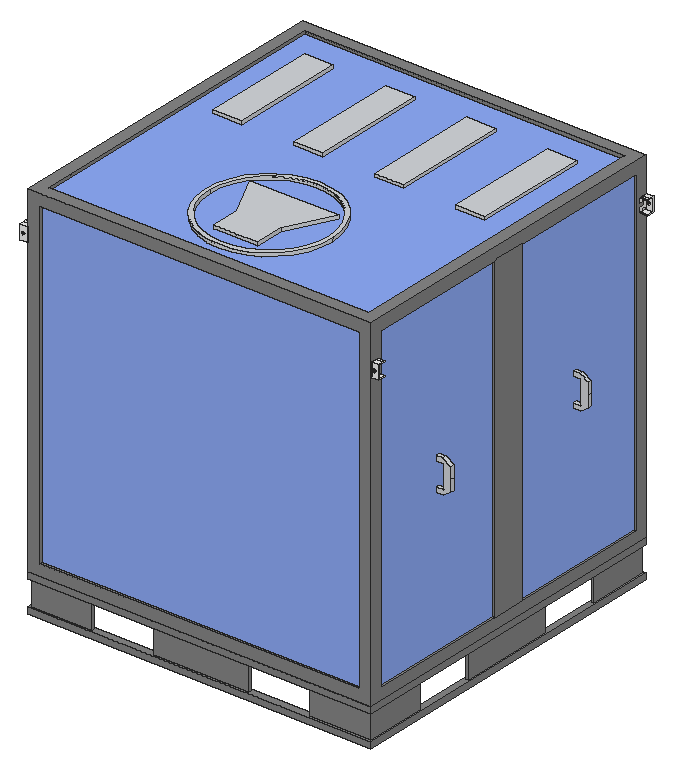
Revit family "11. Секция шумоглушения ANR H1", category Оборудование, Revit 2016 (continued)
Definition of nested family "УГО шумоглушитель №8у (разрез)"
  Automatic sketch dimensions
    curve 8 to curve 7 = 33.477 mm
    curve 7 to curve 5 = 35 mm
    curve 9 to curve 5 = 0 mm
    curve 6 to curve 10 = 35 mm  (x2)
    curve 61 to curve 61 = 120 mm
    curve 11 to curve 13 = 33.477 mm
    curve 60 to curve 58 = 100 mm
    curve 58 to curve 56 = 120 mm
    curve 56 to curve 90 = 100 mm
    curve 89 to curve 88 = 120 mm
    curve 48 to curve 50 = 45 mm
    curve 52 to curve 53 = 45 mm
    curve 53 to curve 47 = 13.447 mm
    curve 49 to curve 50 = 55.716 mm
    curve 54 to curve 72 = 178.541 mm
    curve 94 to curve 72 = 0 mm
    curve 73 to curve 76 = 0 mm
    curve 77 to curve 86 = 0 mm
    curve 77 to curve 80 = 0 mm
    curve 81 to curve 82 = 520 mm
    curve 79 to curve 80 = 0 mm
    curve 82 to curve 84 = 0 mm
    curve 75 to curve 76 = 0 mm
    curve 92 to curve 72 = 0 mm
    curve 86 to curve 87 = 120 mm
    curve 84 to curve 81 = 100 mm
    curve 82 to curve 83 = 120 mm
    curve 80 to curve 78 = 100 mm
    curve 77 to curve 51 = 30.943 mm
    curve 50 to curve 49 = 33.477 mm
    curve 49 to curve 47 = 35 mm
    curve 51 to curve 47 = 0 mm
    curve 48 to curve 52 = 35 mm  (x2)
    curve 77 to curve 77 = 120 mm
    curve 53 to curve 55 = 33.477 mm
    curve 76 to curve 74 = 100 mm
    curve 74 to curve 72 = 120 mm
    curve 72 to curve 94 = 100 mm
    curve 93 to curve 92 = 120 mm
    radius of curve 5 = 90 mm
    radius of curve 47 = 90 mm
Definition of nested family "УГО шумоглушитель №12у (разрез)"
  Parameters (values of type "УГО шумоглушитель №12у (разрез)")
    длина [instance] = 1000 mm
    высота [instance] = 1400 mm
    Ширина [instance] = 410 mm
    Частота вращения n, об/мин = ""
    Тип, марка, обозначение = ""
    Сила тока J, А = ""
    Раздел = ""
    Примечание = ""
    Позиция = ""
    Default Elevation = 1219.2 mm
    Напряжение U,В = ""
    Наименование и тех.хар-ка = ""
    Мощность двигателя N,Вт = ""
    Материал = none
    Масса единицы = ""
    Код, оборудования = ""
    Keynote = ""
    Завод изготовитель = ""
    Единица измерения = ""
    Диаметр = 110 mm
  Reference planes
    plane 1 "По центру (Вперед/Назад)": y = 0
    plane 2: z = 0
    plane 3 "По центру (Влево/Вправо)": x = 0
    plane 4: z = 1400
    plane 5: x = 500
    plane 6: x = -500
    plane 7: z = 700
  Lines and regions (mm)
    model lines
      curve 1: line (-500, 0, 0) -> (500, 0, 0)
      curve 2: line (-500, 0, 1400) -> (-500, 0, 0)
      curve 3: line (500, 0, 1400) -> (-500, 0, 1400)
      curve 4: line (500, 0, 0) -> (500, 0, 1400)
      curve 5: circle (-313.146, 0, 752.465) r 90 normal (0, -1, 0)
      curve 6: line (-371.594, 0, 752.465) -> (-371.594, 0, 717.465)
      curve 7: line (-371.594, 0, 717.465) -> (-326.594, 0, 717.465)
      curve 8: line (-326.594, 0, 717.465) -> (-270.878, 0, 683.988)
      curve 9: line (-270.878, 0, 683.988) -> (-270.878, 0, 752.465)
      curve 10: line (-371.594, 0, 752.465) -> (-371.594, 0, 787.465)
      curve 11: line (-371.594, 0, 787.465) -> (-326.594, 0, 787.465)
      curve 12: line (-326.594, 0, 787.465) -> (-270.878, 0, 820.942)
      curve 13: line (-270.878, 0, 820.942) -> (-270.878, 0, 752.465)
      curve 56: line (-92.337, 0, 993.044) -> (427.663, 0, 993.044)
      curve 57: line (-92.337, 0, 873.044) -> (-92.337, 0, 993.044)
      curve 58: line (427.663, 0, 873.044) -> (-92.337, 0, 873.044)
      curve 59: line (427.663, 0, 993.044) -> (427.663, 0, 873.044)
      curve 60: line (-92.337, 0, 773.044) -> (427.663, 0, 773.044)
      curve 61: line (-92.337, 0, 653.044) -> (-92.337, 0, 773.044)
      curve 62: line (427.663, 0, 653.044) -> (-92.337, 0, 653.044)
      curve 63: line (427.663, 0, 773.044) -> (427.663, 0, 653.044)
      curve 64: line (-92.337, 0, 553.044) -> (427.663, 0, 553.044)
      curve 65: line (-92.337, 0, 433.044) -> (-92.337, 0, 553.044)
      curve 66: line (427.663, 0, 433.044) -> (-92.337, 0, 433.044)
      curve 67: line (427.663, 0, 553.044) -> (427.663, 0, 433.044)
      curve 68: line (-92.337, 0, 333.044) -> (427.663, 0, 333.044)
      curve 69: line (-92.337, 0, 213.044) -> (-92.337, 0, 333.044)
      curve 70: line (427.663, 0, 213.044) -> (-92.337, 0, 213.044)
      curve 71: line (427.663, 0, 333.044) -> (427.663, 0, 213.044)
      curve 88: line (-92.337, 0, 1213.044) -> (427.663, 0, 1213.044)
      curve 89: line (-92.337, 0, 1093.044) -> (-92.337, 0, 1213.044)
      curve 90: line (427.663, 0, 1093.044) -> (-92.337, 0, 1093.044)
      curve 91: line (427.663, 0, 1213.044) -> (427.663, 0, 1093.044)
    model lines, not visible
      curve 14: line (-155.067, 0, 325.022) -> (464.933, 0, 325.022)
      curve 15: line (-155.067, 0, 305.022) -> (-155.067, 0, 325.022)
      curve 16: line (464.933, 0, 305.022) -> (-155.067, 0, 305.022)
      curve 17: line (464.933, 0, 325.022) -> (464.933, 0, 305.022)
      curve 18: line (-155.067, 0, 275.022) -> (464.933, 0, 275.022)
      curve 19: line (-155.067, 0, 255.022) -> (-155.067, 0, 275.022)
      curve 20: line (464.933, 0, 255.022) -> (-155.067, 0, 255.022)
      curve 21: line (464.933, 0, 275.022) -> (464.933, 0, 255.022)
      curve 22: line (-155.067, 0, 220.022) -> (464.933, 0, 220.022)
      curve 23: line (-155.067, 0, 200.022) -> (-155.067, 0, 220.022)
      curve 24: line (464.933, 0, 200.022) -> (-155.067, 0, 200.022)
      curve 25: line (464.933, 0, 220.022) -> (464.933, 0, 200.022)
      curve 26: line (-155.067, 0, 24.978) -> (464.933, 0, 24.978)
      curve 27: line (-155.067, 0, 44.978) -> (-155.067, 0, 24.978)
      curve 28: line (464.933, 0, 44.978) -> (-155.067, 0, 44.978)
      curve 29: line (464.933, 0, 24.978) -> (464.933, 0, 44.978)
      curve 30: line (-155.067, 0, 74.978) -> (464.933, 0, 74.978)
      curve 31: line (-155.067, 0, 94.978) -> (-155.067, 0, 74.978)
      curve 32: line (464.933, 0, 94.978) -> (-155.067, 0, 94.978)
      curve 33: line (464.933, 0, 74.978) -> (464.933, 0, 94.978)
      curve 34: line (-155.067, 0, 129.978) -> (464.933, 0, 129.978)
      curve 35: line (-155.067, 0, 149.978) -> (-155.067, 0, 129.978)
      curve 36: line (464.933, 0, 149.978) -> (-155.067, 0, 149.978)
      curve 37: line (464.933, 0, 129.978) -> (464.933, 0, 149.978)
      curve 38: circle (-331.553, 0, 175) r 90 normal (0, -1, 0)
      curve 39: line (-390, 0, 175) -> (-390, 0, 140)
      curve 40: line (-390, 0, 140) -> (-345, 0, 140)
      curve 41: line (-345, 0, 140) -> (-289.284, 0, 106.523)
      curve 42: line (-289.284, 0, 106.523) -> (-289.284, 0, 175)
      curve 43: line (-390, 0, 175) -> (-390, 0, 210)
      curve 44: line (-390, 0, 210) -> (-345, 0, 210)
      curve 45: line (-345, 0, 210) -> (-289.284, 0, 243.477)
      curve 46: line (-289.284, 0, 243.477) -> (-289.284, 0, 175)
      curve 47: circle (-298.146, 0, 592.465) r 90 normal (0, -1, 0)
      curve 48: line (-356.594, 0, 592.465) -> (-356.594, 0, 557.465)
      curve 49: line (-356.594, 0, 557.465) -> (-311.594, 0, 557.465)
      curve 50: line (-311.594, 0, 557.465) -> (-255.878, 0, 523.988)
      curve 51: line (-255.878, 0, 523.988) -> (-255.878, 0, 592.465)
      curve 52: line (-356.594, 0, 592.465) -> (-356.594, 0, 627.465)
      curve 53: line (-356.594, 0, 627.465) -> (-311.594, 0, 627.465)
      curve 54: line (-311.594, 0, 627.465) -> (-255.878, 0, 660.942)
      curve 55: line (-255.878, 0, 660.942) -> (-255.878, 0, 592.465)
      curve 72: line (-77.337, 0, 833.044) -> (442.663, 0, 833.044)
      curve 73: line (-77.337, 0, 713.044) -> (-77.337, 0, 833.044)
      curve 74: line (442.663, 0, 713.044) -> (-77.337, 0, 713.044)
      curve 75: line (442.663, 0, 833.044) -> (442.663, 0, 713.044)
      curve 76: line (-77.337, 0, 613.044) -> (442.663, 0, 613.044)
      curve 77: line (-77.337, 0, 493.044) -> (-77.337, 0, 613.044)
      curve 78: line (442.663, 0, 493.044) -> (-77.337, 0, 493.044)
      curve 79: line (442.663, 0, 613.044) -> (442.663, 0, 493.044)
      curve 80: line (-77.337, 0, 393.044) -> (442.663, 0, 393.044)
      curve 81: line (-77.337, 0, 273.044) -> (-77.337, 0, 393.044)
      curve 82: line (442.663, 0, 273.044) -> (-77.337, 0, 273.044)
      curve 83: line (442.663, 0, 393.044) -> (442.663, 0, 273.044)
      curve 84: line (-77.337, 0, 173.044) -> (442.663, 0, 173.044)
      curve 85: line (-77.337, 0, 53.044) -> (-77.337, 0, 173.044)
      curve 86: line (442.663, 0, 53.044) -> (-77.337, 0, 53.044)
      curve 87: line (442.663, 0, 173.044) -> (442.663, 0, 53.044)
      curve 92: line (-77.337, 0, 1053.044) -> (442.663, 0, 1053.044)
      curve 93: line (-77.337, 0, 933.044) -> (-77.337, 0, 1053.044)
      curve 94: line (442.663, 0, 933.044) -> (-77.337, 0, 933.044)
      curve 95: line (442.663, 0, 1053.044) -> (442.663, 0, 933.044)
  Dimensions and locks
    equal spacing: plane 5, plane 3 "По центру (Влево/Вправо)", plane 6
    "длина": plane 5 to plane 6
    "высота": plane 4 to level
    equal spacing: plane 4, plane 7, plane 2
    aligned and locked: level to plane 2
  Automatic sketch dimensions
    curve 3 to plane 4 = 0 mm
    curve 3 to plane 6 = 0 mm
    curve 3 to plane 5 = 0 mm
    curve 1 to level = 0 mm
    curve 6 to curve 8 = 45 mm
    curve 10 to curve 11 = 45 mm
    curve 11 to curve 5 = 13.447 mm
    curve 7 to curve 8 = 55.716 mm
    curve 12 to curve 56 = 178.541 mm
    curve 90 to curve 56 = 0 mm
    curve 57 to curve 60 = 0 mm
    curve 61 to curve 70 = 0 mm
    curve 61 to curve 64 = 0 mm
    curve 65 to curve 66 = 520 mm
    curve 63 to curve 64 = 0 mm
    curve 66 to curve 68 = 0 mm
    curve 59 to curve 60 = 0 mm
    curve 88 to curve 56 = 0 mm
    curve 70 to curve 71 = 120 mm
    curve 68 to curve 65 = 100 mm
    curve 66 to curve 67 = 120 mm
    curve 64 to curve 62 = 100 mm
    curve 61 to curve 9 = 30.943 mm
    curve 8 to curve 7 = 33.477 mm
    curve 7 to curve 5 = 35 mm
    curve 9 to curve 5 = 0 mm
    curve 6 to curve 10 = 35 mm  (x2)
    curve 61 to curve 61 = 120 mm
    curve 11 to curve 13 = 33.477 mm
    curve 60 to curve 58 = 100 mm
    curve 58 to curve 56 = 120 mm
    curve 56 to curve 90 = 100 mm
    curve 89 to curve 88 = 120 mm
    curve 48 to curve 50 = 45 mm
    curve 52 to curve 53 = 45 mm
    curve 53 to curve 47 = 13.447 mm
    curve 49 to curve 50 = 55.716 mm
    curve 54 to curve 72 = 178.541 mm
    curve 94 to curve 72 = 0 mm
    curve 73 to curve 76 = 0 mm
    curve 77 to curve 86 = 0 mm
    curve 77 to curve 80 = 0 mm
    curve 81 to curve 82 = 520 mm
    curve 79 to curve 80 = 0 mm
    curve 82 to curve 84 = 0 mm
    curve 75 to curve 76 = 0 mm
    curve 92 to curve 72 = 0 mm
    curve 86 to curve 87 = 120 mm
    curve 84 to curve 81 = 100 mm
    curve 82 to curve 83 = 120 mm
    curve 80 to curve 78 = 100 mm
    curve 77 to curve 51 = 30.943 mm
    curve 50 to curve 49 = 33.477 mm
    curve 49 to curve 47 = 35 mm
    curve 51 to curve 47 = 0 mm
    curve 48 to curve 52 = 35 mm  (x2)
    curve 77 to curve 77 = 120 mm
    curve 53 to curve 55 = 33.477 mm
    curve 76 to curve 74 = 100 mm
    curve 74 to curve 72 = 120 mm
    curve 72 to curve 94 = 100 mm
    curve 93 to curve 92 = 120 mm
    radius of curve 5 = 90 mm
    radius of curve 47 = 90 mm
Definition of nested family "УГО шумоглушитель №20у (разрез)"
  Parameters (values of type "УГО шумоглушитель №20у (разрез)")
    длина [instance] = 1000 mm
    высота [instance] = 1600 mm
    Ширина [instance] = 410 mm
    Частота вращения n, об/мин = ""
    Тип, марка, обозначение = ""
    Сила тока J, А = ""
    Раздел = ""
    Примечание = ""
    Позиция = ""
    Default Elevation = 1219.2 mm
    Напряжение U,В = ""
    Наименование и тех.хар-ка = ""
    Мощность двигателя N,Вт = ""
    Материал = none
    Масса единицы = ""
    Код, оборудования = ""
    Keynote = ""
    Завод изготовитель = ""
    Единица измерения = ""
    Диаметр = 110 mm
  Reference planes
    plane 1 "По центру (Вперед/Назад)": y = 0
    plane 2: z = 0
    plane 3 "По центру (Влево/Вправо)": x = 0
    plane 4: z = 1600
    plane 5: x = 500
    plane 6: x = -500
    plane 7: z = 800
  Lines and regions (mm)
    model lines
      curve 1: line (-500, 0, 0) -> (500, 0, 0)
      curve 2: line (-500, 0, 1600) -> (-500, 0, 0)
      curve 3: line (500, 0, 1600) -> (-500, 0, 1600)
      curve 4: line (500, 0, 0) -> (500, 0, 1600)
      curve 5: circle (-313.146, 0, 802.465) r 90 normal (0, -1, 0)
      curve 6: line (-371.594, 0, 802.465) -> (-371.594, 0, 767.465)
      curve 7: line (-371.594, 0, 767.465) -> (-326.594, 0, 767.465)
      curve 8: line (-326.594, 0, 767.465) -> (-270.878, 0, 733.988)
      curve 9: line (-270.878, 0, 733.988) -> (-270.878, 0, 802.465)
      curve 10: line (-371.594, 0, 802.465) -> (-371.594, 0, 837.465)
      curve 11: line (-371.594, 0, 837.465) -> (-326.594, 0, 837.465)
      curve 12: line (-326.594, 0, 837.465) -> (-270.878, 0, 870.942)
      curve 13: line (-270.878, 0, 870.942) -> (-270.878, 0, 802.465)
      curve 56: line (-92.337, 0, 983.044) -> (427.663, 0, 983.044)
      curve 57: line (-92.337, 0, 863.044) -> (-92.337, 0, 983.044)
      curve 58: line (427.663, 0, 863.044) -> (-92.337, 0, 863.044)
      curve 59: line (427.663, 0, 983.044) -> (427.663, 0, 863.044)
      curve 60: line (-92.337, 0, 763.044) -> (427.663, 0, 763.044)
      curve 61: line (-92.337, 0, 643.044) -> (-92.337, 0, 763.044)
      curve 62: line (427.663, 0, 643.044) -> (-92.337, 0, 643.044)
      curve 63: line (427.663, 0, 763.044) -> (427.663, 0, 643.044)
      curve 64: line (-92.337, 0, 543.044) -> (427.663, 0, 543.044)
      curve 65: line (-92.337, 0, 423.044) -> (-92.337, 0, 543.044)
      curve 66: line (427.663, 0, 423.044) -> (-92.337, 0, 423.044)
      curve 67: line (427.663, 0, 543.044) -> (427.663, 0, 423.044)
      curve 68: line (-92.337, 0, 323.044) -> (427.663, 0, 323.044)
      curve 69: line (-92.337, 0, 203.044) -> (-92.337, 0, 323.044)
      curve 70: line (427.663, 0, 203.044) -> (-92.337, 0, 203.044)
      curve 71: line (427.663, 0, 323.044) -> (427.663, 0, 203.044)
      curve 88: line (-92.337, 0, 1203.044) -> (427.663, 0, 1203.044)
      curve 89: line (-92.337, 0, 1083.044) -> (-92.337, 0, 1203.044)
      curve 90: line (427.663, 0, 1083.044) -> (-92.337, 0, 1083.044)
      curve 91: line (427.663, 0, 1203.044) -> (427.663, 0, 1083.044)
      curve 96: line (-92.337, 0, 1423.044) -> (427.663, 0, 1423.044)
      curve 97: line (-92.337, 0, 1303.044) -> (-92.337, 0, 1423.044)
      curve 98: line (427.663, 0, 1303.044) -> (-92.337, 0, 1303.044)
      curve 99: line (427.663, 0, 1423.044) -> (427.663, 0, 1303.044)
    model lines, not visible
      curve 14: line (-155.067, 0, 325.022) -> (464.933, 0, 325.022)
      curve 15: line (-155.067, 0, 305.022) -> (-155.067, 0, 325.022)
      curve 16: line (464.933, 0, 305.022) -> (-155.067, 0, 305.022)
      curve 17: line (464.933, 0, 325.022) -> (464.933, 0, 305.022)
      curve 18: line (-155.067, 0, 275.022) -> (464.933, 0, 275.022)
      curve 19: line (-155.067, 0, 255.022) -> (-155.067, 0, 275.022)
      curve 20: line (464.933, 0, 255.022) -> (-155.067, 0, 255.022)
      curve 21: line (464.933, 0, 275.022) -> (464.933, 0, 255.022)
      curve 22: line (-155.067, 0, 220.022) -> (464.933, 0, 220.022)
      curve 23: line (-155.067, 0, 200.022) -> (-155.067, 0, 220.022)
      curve 24: line (464.933, 0, 200.022) -> (-155.067, 0, 200.022)
      curve 25: line (464.933, 0, 220.022) -> (464.933, 0, 200.022)
      curve 26: line (-155.067, 0, 24.978) -> (464.933, 0, 24.978)
      curve 27: line (-155.067, 0, 44.978) -> (-155.067, 0, 24.978)
      curve 28: line (464.933, 0, 44.978) -> (-155.067, 0, 44.978)
      curve 29: line (464.933, 0, 24.978) -> (464.933, 0, 44.978)
      curve 30: line (-155.067, 0, 74.978) -> (464.933, 0, 74.978)
      curve 31: line (-155.067, 0, 94.978) -> (-155.067, 0, 74.978)
      curve 32: line (464.933, 0, 94.978) -> (-155.067, 0, 94.978)
      curve 33: line (464.933, 0, 74.978) -> (464.933, 0, 94.978)
      curve 34: line (-155.067, 0, 129.978) -> (464.933, 0, 129.978)
      curve 35: line (-155.067, 0, 149.978) -> (-155.067, 0, 129.978)
      curve 36: line (464.933, 0, 149.978) -> (-155.067, 0, 149.978)
      curve 37: line (464.933, 0, 129.978) -> (464.933, 0, 149.978)
      curve 38: circle (-331.553, 0, 175) r 90 normal (0, -1, 0)
      curve 39: line (-390, 0, 175) -> (-390, 0, 140)
      curve 40: line (-390, 0, 140) -> (-345, 0, 140)
      curve 41: line (-345, 0, 140) -> (-289.284, 0, 106.523)
      curve 42: line (-289.284, 0, 106.523) -> (-289.284, 0, 175)
      curve 43: line (-390, 0, 175) -> (-390, 0, 210)
      curve 44: line (-390, 0, 210) -> (-345, 0, 210)
      curve 45: line (-345, 0, 210) -> (-289.284, 0, 243.477)
      curve 46: line (-289.284, 0, 243.477) -> (-289.284, 0, 175)
      curve 47: circle (-298.146, 0, 642.465) r 90 normal (0, -1, 0)
      curve 48: line (-356.594, 0, 642.465) -> (-356.594, 0, 607.465)
      curve 49: line (-356.594, 0, 607.465) -> (-311.594, 0, 607.465)
      curve 50: line (-311.594, 0, 607.465) -> (-255.878, 0, 573.988)
      curve 51: line (-255.878, 0, 573.988) -> (-255.878, 0, 642.465)
      curve 52: line (-356.594, 0, 642.465) -> (-356.594, 0, 677.465)
      curve 53: line (-356.594, 0, 677.465) -> (-311.594, 0, 677.465)
      curve 54: line (-311.594, 0, 677.465) -> (-255.878, 0, 710.942)
      curve 55: line (-255.878, 0, 710.942) -> (-255.878, 0, 642.465)
      curve 72: line (-77.337, 0, 823.044) -> (442.663, 0, 823.044)
      curve 73: line (-77.337, 0, 703.044) -> (-77.337, 0, 823.044)
      curve 74: line (442.663, 0, 703.044) -> (-77.337, 0, 703.044)
      curve 75: line (442.663, 0, 823.044) -> (442.663, 0, 703.044)
      curve 76: line (-77.337, 0, 603.044) -> (442.663, 0, 603.044)
      curve 77: line (-77.337, 0, 483.044) -> (-77.337, 0, 603.044)
      curve 78: line (442.663, 0, 483.044) -> (-77.337, 0, 483.044)
      curve 79: line (442.663, 0, 603.044) -> (442.663, 0, 483.044)
      curve 80: line (-77.337, 0, 383.044) -> (442.663, 0, 383.044)
      curve 81: line (-77.337, 0, 263.044) -> (-77.337, 0, 383.044)
      curve 82: line (442.663, 0, 263.044) -> (-77.337, 0, 263.044)
      curve 83: line (442.663, 0, 383.044) -> (442.663, 0, 263.044)
      curve 84: line (-77.337, 0, 163.044) -> (442.663, 0, 163.044)
      curve 85: line (-77.337, 0, 43.044) -> (-77.337, 0, 163.044)
      curve 86: line (442.663, 0, 43.044) -> (-77.337, 0, 43.044)
      curve 87: line (442.663, 0, 163.044) -> (442.663, 0, 43.044)
      curve 92: line (-77.337, 0, 1043.044) -> (442.663, 0, 1043.044)
      curve 93: line (-77.337, 0, 923.044) -> (-77.337, 0, 1043.044)
      curve 94: line (442.663, 0, 923.044) -> (-77.337, 0, 923.044)
      curve 95: line (442.663, 0, 1043.044) -> (442.663, 0, 923.044)
      curve 100: line (-77.337, 0, 1263.044) -> (442.663, 0, 1263.044)
      curve 101: line (-77.337, 0, 1143.044) -> (-77.337, 0, 1263.044)
      curve 102: line (442.663, 0, 1143.044) -> (-77.337, 0, 1143.044)
      curve 103: line (442.663, 0, 1263.044) -> (442.663, 0, 1143.044)
  Dimensions and locks
    equal spacing: plane 5, plane 3 "По центру (Влево/Вправо)", plane 6
    "длина": plane 5 to plane 6
    "высота": plane 4 to level
    equal spacing: plane 4, plane 7, plane 2
    aligned and locked: level to plane 2
  Automatic sketch dimensions
    curve 3 to plane 4 = 0 mm
    curve 3 to plane 6 = 0 mm
    curve 3 to plane 5 = 0 mm
    curve 1 to level = 0 mm
    curve 6 to curve 8 = 45 mm
    curve 10 to curve 11 = 45 mm
    curve 11 to curve 5 = 13.447 mm
    curve 7 to curve 8 = 55.716 mm
    curve 12 to curve 56 = 178.541 mm
    curve 97 to curve 56 = 0 mm
    curve 90 to curve 56 = 0 mm
    curve 57 to curve 60 = 0 mm
    curve 61 to curve 64 = 0 mm
    curve 65 to curve 70 = 0 mm
    curve 65 to curve 67 = 520 mm
    curve 66 to curve 68 = 0 mm
    curve 63 to curve 64 = 0 mm
    curve 88 to curve 60 = 0 mm
    curve 59 to curve 60 = 0 mm
    curve 96 to curve 88 = 0 mm
    curve 70 to curve 71 = 120 mm
    curve 68 to curve 66 = 100 mm
    curve 65 to curve 64 = 120 mm
    curve 64 to curve 62 = 100 mm
    curve 61 to curve 9 = 90.943 mm
    curve 8 to curve 7 = 33.477 mm
    curve 6 to curve 10 = 35 mm  (x2)
    curve 7 to curve 5 = 35 mm
    curve 13 to curve 5 = 0 mm
    curve 61 to curve 61 = 120 mm
    curve 11 to curve 13 = 33.477 mm
    curve 60 to curve 58 = 100 mm
    curve 57 to curve 56 = 120 mm
    curve 56 to curve 90 = 100 mm
    curve 89 to curve 89 = 120 mm
    curve 88 to curve 98 = 100 mm
    curve 97 to curve 97 = 120 mm
    curve 48 to curve 50 = 45 mm
    curve 52 to curve 53 = 45 mm
    curve 53 to curve 47 = 13.447 mm
    curve 49 to curve 50 = 55.716 mm
    curve 54 to curve 72 = 178.541 mm
    curve 101 to curve 72 = 0 mm
    curve 94 to curve 72 = 0 mm
    curve 73 to curve 76 = 0 mm
    curve 77 to curve 80 = 0 mm
    curve 81 to curve 86 = 0 mm
    curve 81 to curve 83 = 520 mm
    curve 82 to curve 84 = 0 mm
    curve 79 to curve 80 = 0 mm
    curve 92 to curve 76 = 0 mm
    curve 75 to curve 76 = 0 mm
    curve 100 to curve 92 = 0 mm
    curve 86 to curve 87 = 120 mm
    curve 84 to curve 82 = 100 mm
    curve 81 to curve 80 = 120 mm
    curve 80 to curve 78 = 100 mm
    curve 77 to curve 51 = 90.943 mm
    curve 50 to curve 49 = 33.477 mm
    curve 48 to curve 52 = 35 mm  (x2)
    curve 49 to curve 47 = 35 mm
    curve 55 to curve 47 = 0 mm
    curve 77 to curve 77 = 120 mm
    curve 53 to curve 55 = 33.477 mm
    curve 76 to curve 74 = 100 mm
    curve 73 to curve 72 = 120 mm
    curve 72 to curve 94 = 100 mm
    curve 93 to curve 93 = 120 mm
    curve 92 to curve 102 = 100 mm
    curve 101 to curve 101 = 120 mm
    radius of curve 5 = 90 mm
    radius of curve 47 = 90 mm
Definition of nested family "УГО шумоглушитель №25у (разрез)"
  Parameters (values of type "УГО шумоглушитель №25у (разрез)")
    длина [instance] = 1000 mm
    высота [instance] = 2000 mm
    Ширина [instance] = 410 mm
    Частота вращения n, об/мин = ""
    Тип, марка, обозначение = ""
    Сила тока J, А = ""
    Раздел = ""
    Примечание = ""
    Позиция = ""
    Default Elevation = 1219.2 mm
    Напряжение U,В = ""
    Наименование и тех.хар-ка = ""
    Мощность двигателя N,Вт = ""
    Материал = none
    Масса единицы = ""
    Код, оборудования = ""
    Keynote = ""
    Завод изготовитель = ""
    Единица измерения = ""
    Диаметр = 110 mm
  Reference planes
    plane 1 "По центру (Вперед/Назад)": y = 0
    plane 2: z = 0
    plane 3 "По центру (Влево/Вправо)": x = 0
    plane 4: z = 2000
    plane 5: x = 500
    plane 6: x = -500
    plane 7: z = 1000
  Lines and regions (mm)
    model lines
      curve 1: line (-500, 0, 0) -> (500, 0, 0)
      curve 2: line (-500, 0, 2000) -> (-500, 0, 0)
      curve 3: line (500, 0, 2000) -> (-500, 0, 2000)
      curve 4: line (500, 0, 0) -> (500, 0, 2000)
      curve 5: circle (-297.364, 0, 1074.703) r 90 normal (0, -1, 0)
      curve 6: line (-355.812, 0, 1074.703) -> (-355.812, 0, 1039.703)
      curve 7: line (-355.812, 0, 1039.703) -> (-310.812, 0, 1039.703)
      curve 8: line (-310.812, 0, 1039.703) -> (-255.096, 0, 1006.226)
      curve 9: line (-255.096, 0, 1006.226) -> (-255.096, 0, 1074.703)
      curve 10: line (-355.812, 0, 1074.703) -> (-355.812, 0, 1109.703)
      curve 11: line (-355.812, 0, 1109.703) -> (-310.812, 0, 1109.703)
      curve 12: line (-310.812, 0, 1109.703) -> (-255.096, 0, 1143.18)
      curve 13: line (-255.096, 0, 1143.18) -> (-255.096, 0, 1074.703)
      curve 56: line (-92.337, 0, 983.044) -> (427.663, 0, 983.044)
      curve 57: line (-92.337, 0, 863.044) -> (-92.337, 0, 983.044)
      curve 58: line (427.663, 0, 863.044) -> (-92.337, 0, 863.044)
      curve 59: line (427.663, 0, 983.044) -> (427.663, 0, 863.044)
      curve 60: line (-92.337, 0, 763.044) -> (427.663, 0, 763.044)
      curve 61: line (-92.337, 0, 643.044) -> (-92.337, 0, 763.044)
      curve 62: line (427.663, 0, 643.044) -> (-92.337, 0, 643.044)
      curve 63: line (427.663, 0, 763.044) -> (427.663, 0, 643.044)
      curve 64: line (-92.337, 0, 543.044) -> (427.663, 0, 543.044)
      curve 65: line (-92.337, 0, 423.044) -> (-92.337, 0, 543.044)
      curve 66: line (427.663, 0, 423.044) -> (-92.337, 0, 423.044)
      curve 67: line (427.663, 0, 543.044) -> (427.663, 0, 423.044)
      curve 68: line (-92.337, 0, 323.044) -> (427.663, 0, 323.044)
      curve 69: line (-92.337, 0, 203.044) -> (-92.337, 0, 323.044)
      curve 70: line (427.663, 0, 203.044) -> (-92.337, 0, 203.044)
      curve 71: line (427.663, 0, 323.044) -> (427.663, 0, 203.044)
      curve 88: line (-92.337, 0, 1203.044) -> (427.663, 0, 1203.044)
      curve 89: line (-92.337, 0, 1083.044) -> (-92.337, 0, 1203.044)
      curve 90: line (427.663, 0, 1083.044) -> (-92.337, 0, 1083.044)
      curve 91: line (427.663, 0, 1203.044) -> (427.663, 0, 1083.044)
      curve 96: line (-92.337, 0, 1423.044) -> (427.663, 0, 1423.044)
      curve 97: line (-92.337, 0, 1303.044) -> (-92.337, 0, 1423.044)
      curve 98: line (427.663, 0, 1303.044) -> (-92.337, 0, 1303.044)
      curve 99: line (427.663, 0, 1423.044) -> (427.663, 0, 1303.044)
      curve 104: line (-92.337, 0, 1643.044) -> (427.663, 0, 1643.044)
      curve 105: line (-92.337, 0, 1523.044) -> (-92.337, 0, 1643.044)
      curve 106: line (427.663, 0, 1523.044) -> (-92.337, 0, 1523.044)
      curve 107: line (427.663, 0, 1643.044) -> (427.663, 0, 1523.044)
      curve 108: line (-92.337, 0, 1863.044) -> (427.663, 0, 1863.044)
      curve 109: line (-92.337, 0, 1743.044) -> (-92.337, 0, 1863.044)
      curve 110: line (427.663, 0, 1743.044) -> (-92.337, 0, 1743.044)
      curve 111: line (427.663, 0, 1863.044) -> (427.663, 0, 1743.044)
    model lines, not visible
      curve 14: line (-155.067, 0, 325.022) -> (464.933, 0, 325.022)
      curve 15: line (-155.067, 0, 305.022) -> (-155.067, 0, 325.022)
      curve 16: line (464.933, 0, 305.022) -> (-155.067, 0, 305.022)
      curve 17: line (464.933, 0, 325.022) -> (464.933, 0, 305.022)
      curve 18: line (-155.067, 0, 275.022) -> (464.933, 0, 275.022)
      curve 19: line (-155.067, 0, 255.022) -> (-155.067, 0, 275.022)
      curve 20: line (464.933, 0, 255.022) -> (-155.067, 0, 255.022)
      curve 21: line (464.933, 0, 275.022) -> (464.933, 0, 255.022)
      curve 22: line (-155.067, 0, 220.022) -> (464.933, 0, 220.022)
      curve 23: line (-155.067, 0, 200.022) -> (-155.067, 0, 220.022)
      curve 24: line (464.933, 0, 200.022) -> (-155.067, 0, 200.022)
      curve 25: line (464.933, 0, 220.022) -> (464.933, 0, 200.022)
      curve 26: line (-155.067, 0, 24.978) -> (464.933, 0, 24.978)
      curve 27: line (-155.067, 0, 44.978) -> (-155.067, 0, 24.978)
      curve 28: line (464.933, 0, 44.978) -> (-155.067, 0, 44.978)
      curve 29: line (464.933, 0, 24.978) -> (464.933, 0, 44.978)
      curve 30: line (-155.067, 0, 74.978) -> (464.933, 0, 74.978)
      curve 31: line (-155.067, 0, 94.978) -> (-155.067, 0, 74.978)
      curve 32: line (464.933, 0, 94.978) -> (-155.067, 0, 94.978)
      curve 33: line (464.933, 0, 74.978) -> (464.933, 0, 94.978)
      curve 34: line (-155.067, 0, 129.978) -> (464.933, 0, 129.978)
      curve 35: line (-155.067, 0, 149.978) -> (-155.067, 0, 129.978)
      curve 36: line (464.933, 0, 149.978) -> (-155.067, 0, 149.978)
      curve 37: line (464.933, 0, 129.978) -> (464.933, 0, 149.978)
      curve 38: circle (-331.553, 0, 175) r 90 normal (0, -1, 0)
      curve 39: line (-390, 0, 175) -> (-390, 0, 140)
      curve 40: line (-390, 0, 140) -> (-345, 0, 140)
      curve 41: line (-345, 0, 140) -> (-289.284, 0, 106.523)
      curve 42: line (-289.284, 0, 106.523) -> (-289.284, 0, 175)
      curve 43: line (-390, 0, 175) -> (-390, 0, 210)
      curve 44: line (-390, 0, 210) -> (-345, 0, 210)
      curve 45: line (-345, 0, 210) -> (-289.284, 0, 243.477)
      curve 46: line (-289.284, 0, 243.477) -> (-289.284, 0, 175)
      curve 47: circle (-282.364, 0, 914.703) r 90 normal (0, -1, 0)
      curve 48: line (-340.812, 0, 914.703) -> (-340.812, 0, 879.703)
      curve 49: line (-340.812, 0, 879.703) -> (-295.812, 0, 879.703)
      curve 50: line (-295.812, 0, 879.703) -> (-240.096, 0, 846.226)
      curve 51: line (-240.096, 0, 846.226) -> (-240.096, 0, 914.703)
      curve 52: line (-340.812, 0, 914.703) -> (-340.812, 0, 949.703)
      curve 53: line (-340.812, 0, 949.703) -> (-295.812, 0, 949.703)
      curve 54: line (-295.812, 0, 949.703) -> (-240.096, 0, 983.18)
      curve 55: line (-240.096, 0, 983.18) -> (-240.096, 0, 914.703)
      curve 72: line (-77.337, 0, 823.044) -> (442.663, 0, 823.044)
      curve 73: line (-77.337, 0, 703.044) -> (-77.337, 0, 823.044)
      curve 74: line (442.663, 0, 703.044) -> (-77.337, 0, 703.044)
      curve 75: line (442.663, 0, 823.044) -> (442.663, 0, 703.044)
      curve 76: line (-77.337, 0, 603.044) -> (442.663, 0, 603.044)
      curve 77: line (-77.337, 0, 483.044) -> (-77.337, 0, 603.044)
      curve 78: line (442.663, 0, 483.044) -> (-77.337, 0, 483.044)
      curve 79: line (442.663, 0, 603.044) -> (442.663, 0, 483.044)
      curve 80: line (-77.337, 0, 383.044) -> (442.663, 0, 383.044)
      curve 81: line (-77.337, 0, 263.044) -> (-77.337, 0, 383.044)
      curve 82: line (442.663, 0, 263.044) -> (-77.337, 0, 263.044)
      curve 83: line (442.663, 0, 383.044) -> (442.663, 0, 263.044)
      curve 84: line (-77.337, 0, 163.044) -> (442.663, 0, 163.044)
      curve 85: line (-77.337, 0, 43.044) -> (-77.337, 0, 163.044)
      curve 86: line (442.663, 0, 43.044) -> (-77.337, 0, 43.044)
      curve 87: line (442.663, 0, 163.044) -> (442.663, 0, 43.044)
      curve 92: line (-77.337, 0, 1043.044) -> (442.663, 0, 1043.044)
      curve 93: line (-77.337, 0, 923.044) -> (-77.337, 0, 1043.044)
      curve 94: line (442.663, 0, 923.044) -> (-77.337, 0, 923.044)
      curve 95: line (442.663, 0, 1043.044) -> (442.663, 0, 923.044)
      curve 100: line (-77.337, 0, 1263.044) -> (442.663, 0, 1263.044)
      curve 101: line (-77.337, 0, 1143.044) -> (-77.337, 0, 1263.044)
      curve 102: line (442.663, 0, 1143.044) -> (-77.337, 0, 1143.044)
      curve 103: line (442.663, 0, 1263.044) -> (442.663, 0, 1143.044)
      curve 112: line (-77.337, 0, 1483.044) -> (442.663, 0, 1483.044)
      curve 113: line (-77.337, 0, 1363.044) -> (-77.337, 0, 1483.044)
      curve 114: line (442.663, 0, 1363.044) -> (-77.337, 0, 1363.044)
      curve 115: line (442.663, 0, 1483.044) -> (442.663, 0, 1363.044)
      curve 116: line (-77.337, 0, 1703.044) -> (442.663, 0, 1703.044)
      curve 117: line (-77.337, 0, 1583.044) -> (-77.337, 0, 1703.044)
      curve 118: line (442.663, 0, 1583.044) -> (-77.337, 0, 1583.044)
      curve 119: line (442.663, 0, 1703.044) -> (442.663, 0, 1583.044)
  Dimensions and locks
    equal spacing: plane 5, plane 3 "По центру (Влево/Вправо)", plane 6
    "длина": plane 5 to plane 6
    "высота": plane 4 to level
    equal spacing: plane 4, plane 7, plane 2
    aligned and locked: level to plane 2
  Automatic sketch dimensions
    curve 3 to plane 4 = 0 mm
    curve 3 to plane 6 = 0 mm
    curve 3 to plane 5 = 0 mm
    curve 1 to level = 0 mm
    curve 6 to curve 8 = 45 mm
    curve 10 to curve 11 = 45 mm
    curve 11 to curve 5 = 13.447 mm
    curve 7 to curve 8 = 55.716 mm
    curve 8 to curve 56 = 162.759 mm
    curve 12 to curve 109 = 162.759 mm
    curve 109 to curve 106 = 0 mm
    curve 57 to curve 60 = 0 mm
    curve 105 to curve 98 = 0 mm
    curve 61 to curve 64 = 0 mm
    curve 65 to curve 68 = 0 mm
    curve 90 to curve 56 = 0 mm
    curve 69 to curve 71 = 520 mm
    curve 88 to curve 88 = 520 mm
    curve 67 to curve 68 = 0 mm
    curve 96 to curve 88 = 0 mm
    curve 63 to curve 64 = 0 mm
    curve 104 to curve 96 = 0 mm
    curve 59 to curve 60 = 0 mm
    curve 108 to curve 104 = 0 mm
    curve 69 to curve 68 = 120 mm
    curve 68 to curve 66 = 100 mm
    curve 66 to curve 67 = 120 mm
    curve 64 to curve 61 = 100 mm
    curve 62 to curve 63 = 120 mm
    curve 60 to curve 58 = 100 mm
    curve 58 to curve 59 = 120 mm
    curve 56 to curve 8 = 23.181 mm
    curve 8 to curve 7 = 33.477 mm
    curve 7 to curve 9 = 35 mm
    curve 7 to curve 5 = 35 mm
    curve 6 to curve 6 = 35 mm
    curve 56 to curve 91 = 100 mm
    curve 5 to curve 11 = 35 mm
    curve 11 to curve 12 = 33.477 mm
    curve 89 to curve 88 = 120 mm
    curve 88 to curve 99 = 100 mm
    curve 98 to curve 96 = 120 mm
    curve 96 to curve 106 = 100 mm
    curve 105 to curve 104 = 120 mm
    curve 104 to curve 110 = 100 mm
    curve 109 to curve 109 = 120 mm
    curve 48 to curve 50 = 45 mm
    curve 52 to curve 53 = 45 mm
    curve 53 to curve 47 = 13.447 mm
    curve 49 to curve 50 = 55.716 mm
    curve 50 to curve 72 = 162.759 mm
    curve 54 to curve 117 = 162.759 mm
    curve 117 to curve 114 = 0 mm
    curve 73 to curve 76 = 0 mm
    curve 113 to curve 102 = 0 mm
    curve 77 to curve 80 = 0 mm
    curve 81 to curve 84 = 0 mm
    curve 94 to curve 72 = 0 mm
    curve 85 to curve 87 = 520 mm
    curve 92 to curve 92 = 520 mm
    curve 83 to curve 84 = 0 mm
    curve 100 to curve 92 = 0 mm
    curve 79 to curve 80 = 0 mm
    curve 112 to curve 100 = 0 mm
    curve 75 to curve 76 = 0 mm
    curve 116 to curve 112 = 0 mm
    curve 85 to curve 84 = 120 mm
    curve 84 to curve 82 = 100 mm
    curve 82 to curve 83 = 120 mm
    curve 80 to curve 77 = 100 mm
    curve 78 to curve 79 = 120 mm
    curve 76 to curve 74 = 100 mm
    curve 74 to curve 75 = 120 mm
    curve 72 to curve 50 = 23.181 mm
    curve 50 to curve 49 = 33.477 mm
    curve 49 to curve 51 = 35 mm
    curve 49 to curve 47 = 35 mm
    curve 48 to curve 48 = 35 mm
    curve 72 to curve 95 = 100 mm
    curve 47 to curve 53 = 35 mm
    curve 53 to curve 54 = 33.477 mm
    curve 93 to curve 92 = 120 mm
    curve 92 to curve 103 = 100 mm
    curve 102 to curve 100 = 120 mm
    curve 100 to curve 114 = 100 mm
    curve 113 to curve 112 = 120 mm
    curve 112 to curve 118 = 100 mm
    curve 117 to curve 117 = 120 mm
    radius of curve 5 = 90 mm
    radius of curve 47 = 90 mm
Definition of nested family "УГО шумоглушитель №30у (разрез)"
  Parameters (values of type "УГО шумоглушитель №30у (разрез)")
    длина [instance] = 1000 mm
    высота [instance] = 2000 mm
    Ширина [instance] = 410 mm
    Частота вращения n, об/мин = ""
    Тип, марка, обозначение = ""
    Сила тока J, А = ""
    Раздел = ""
    Примечание = ""
    Позиция = ""
    Default Elevation = 1219.2 mm
    Напряжение U,В = ""
    Наименование и тех.хар-ка = ""
    Мощность двигателя N,Вт = ""
    Материал = none
    Масса единицы = ""
    Код, оборудования = ""
    Keynote = ""
    Завод изготовитель = ""
    Единица измерения = ""
    Диаметр = 110 mm
  Reference planes
    plane 1 "По центру (Вперед/Назад)": y = 0
    plane 2: z = 0
    plane 3 "По центру (Влево/Вправо)": x = 0
    plane 4: z = 2000
    plane 5: x = 500
    plane 6: x = -500
    plane 7: z = 1000
  Lines and regions (mm)
    model lines
      curve 1: line (-500, 0, 0) -> (500, 0, 0)
      curve 2: line (-500, 0, 2000) -> (-500, 0, 0)
      curve 3: line (500, 0, 2000) -> (-500, 0, 2000)
      curve 4: line (500, 0, 0) -> (500, 0, 2000)
      curve 5: circle (-297.364, 0, 1074.703) r 90 normal (0, -1, 0)
      curve 6: line (-355.812, 0, 1074.703) -> (-355.812, 0, 1039.703)
      curve 7: line (-355.812, 0, 1039.703) -> (-310.812, 0, 1039.703)
      curve 8: line (-310.812, 0, 1039.703) -> (-255.096, 0, 1006.226)
      curve 9: line (-255.096, 0, 1006.226) -> (-255.096, 0, 1074.703)
      curve 10: line (-355.812, 0, 1074.703) -> (-355.812, 0, 1109.703)
      curve 11: line (-355.812, 0, 1109.703) -> (-310.812, 0, 1109.703)
      curve 12: line (-310.812, 0, 1109.703) -> (-255.096, 0, 1143.18)
      curve 13: line (-255.096, 0, 1143.18) -> (-255.096, 0, 1074.703)
      curve 56: line (-92.337, 0, 983.044) -> (427.663, 0, 983.044)
      curve 57: line (-92.337, 0, 863.044) -> (-92.337, 0, 983.044)
      curve 58: line (427.663, 0, 863.044) -> (-92.337, 0, 863.044)
      curve 59: line (427.663, 0, 983.044) -> (427.663, 0, 863.044)
      curve 60: line (-92.337, 0, 763.044) -> (427.663, 0, 763.044)
      curve 61: line (-92.337, 0, 643.044) -> (-92.337, 0, 763.044)
      curve 62: line (427.663, 0, 643.044) -> (-92.337, 0, 643.044)
      curve 63: line (427.663, 0, 763.044) -> (427.663, 0, 643.044)
      curve 64: line (-92.337, 0, 543.044) -> (427.663, 0, 543.044)
      curve 65: line (-92.337, 0, 423.044) -> (-92.337, 0, 543.044)
      curve 66: line (427.663, 0, 423.044) -> (-92.337, 0, 423.044)
      curve 67: line (427.663, 0, 543.044) -> (427.663, 0, 423.044)
      curve 68: line (-92.337, 0, 323.044) -> (427.663, 0, 323.044)
      curve 69: line (-92.337, 0, 203.044) -> (-92.337, 0, 323.044)
      curve 70: line (427.663, 0, 203.044) -> (-92.337, 0, 203.044)
      curve 71: line (427.663, 0, 323.044) -> (427.663, 0, 203.044)
      curve 88: line (-92.337, 0, 1203.044) -> (427.663, 0, 1203.044)
      curve 89: line (-92.337, 0, 1083.044) -> (-92.337, 0, 1203.044)
      curve 90: line (427.663, 0, 1083.044) -> (-92.337, 0, 1083.044)
      curve 91: line (427.663, 0, 1203.044) -> (427.663, 0, 1083.044)
      curve 96: line (-92.337, 0, 1423.044) -> (427.663, 0, 1423.044)
      curve 97: line (-92.337, 0, 1303.044) -> (-92.337, 0, 1423.044)
      curve 98: line (427.663, 0, 1303.044) -> (-92.337, 0, 1303.044)
      curve 99: line (427.663, 0, 1423.044) -> (427.663, 0, 1303.044)
      curve 104: line (-92.337, 0, 1643.044) -> (427.663, 0, 1643.044)
      curve 105: line (-92.337, 0, 1523.044) -> (-92.337, 0, 1643.044)
      curve 106: line (427.663, 0, 1523.044) -> (-92.337, 0, 1523.044)
      curve 107: line (427.663, 0, 1643.044) -> (427.663, 0, 1523.044)
      curve 108: line (-92.337, 0, 1863.044) -> (427.663, 0, 1863.044)
      curve 109: line (-92.337, 0, 1743.044) -> (-92.337, 0, 1863.044)
      curve 110: line (427.663, 0, 1743.044) -> (-92.337, 0, 1743.044)
      curve 111: line (427.663, 0, 1863.044) -> (427.663, 0, 1743.044)
    model lines, not visible
      curve 14: line (-155.067, 0, 325.022) -> (464.933, 0, 325.022)
      curve 15: line (-155.067, 0, 305.022) -> (-155.067, 0, 325.022)
      curve 16: line (464.933, 0, 305.022) -> (-155.067, 0, 305.022)
      curve 17: line (464.933, 0, 325.022) -> (464.933, 0, 305.022)
      curve 18: line (-155.067, 0, 275.022) -> (464.933, 0, 275.022)
      curve 19: line (-155.067, 0, 255.022) -> (-155.067, 0, 275.022)
      curve 20: line (464.933, 0, 255.022) -> (-155.067, 0, 255.022)
      curve 21: line (464.933, 0, 275.022) -> (464.933, 0, 255.022)
      curve 22: line (-155.067, 0, 220.022) -> (464.933, 0, 220.022)
      curve 23: line (-155.067, 0, 200.022) -> (-155.067, 0, 220.022)
      curve 24: line (464.933, 0, 200.022) -> (-155.067, 0, 200.022)
      curve 25: line (464.933, 0, 220.022) -> (464.933, 0, 200.022)
      curve 26: line (-155.067, 0, 24.978) -> (464.933, 0, 24.978)
      curve 27: line (-155.067, 0, 44.978) -> (-155.067, 0, 24.978)
      curve 28: line (464.933, 0, 44.978) -> (-155.067, 0, 44.978)
      curve 29: line (464.933, 0, 24.978) -> (464.933, 0, 44.978)
      curve 30: line (-155.067, 0, 74.978) -> (464.933, 0, 74.978)
      curve 31: line (-155.067, 0, 94.978) -> (-155.067, 0, 74.978)
      curve 32: line (464.933, 0, 94.978) -> (-155.067, 0, 94.978)
      curve 33: line (464.933, 0, 74.978) -> (464.933, 0, 94.978)
      curve 34: line (-155.067, 0, 129.978) -> (464.933, 0, 129.978)
      curve 35: line (-155.067, 0, 149.978) -> (-155.067, 0, 129.978)
      curve 36: line (464.933, 0, 149.978) -> (-155.067, 0, 149.978)
      curve 37: line (464.933, 0, 129.978) -> (464.933, 0, 149.978)
      curve 38: circle (-331.553, 0, 175) r 90 normal (0, -1, 0)
      curve 39: line (-390, 0, 175) -> (-390, 0, 140)
      curve 40: line (-390, 0, 140) -> (-345, 0, 140)
      curve 41: line (-345, 0, 140) -> (-289.284, 0, 106.523)
      curve 42: line (-289.284, 0, 106.523) -> (-289.284, 0, 175)
      curve 43: line (-390, 0, 175) -> (-390, 0, 210)
      curve 44: line (-390, 0, 210) -> (-345, 0, 210)
      curve 45: line (-345, 0, 210) -> (-289.284, 0, 243.477)
      curve 46: line (-289.284, 0, 243.477) -> (-289.284, 0, 175)
      curve 47: circle (-282.364, 0, 914.703) r 90 normal (0, -1, 0)
      curve 48: line (-340.812, 0, 914.703) -> (-340.812, 0, 879.703)
      curve 49: line (-340.812, 0, 879.703) -> (-295.812, 0, 879.703)
      curve 50: line (-295.812, 0, 879.703) -> (-240.096, 0, 846.226)
      curve 51: line (-240.096, 0, 846.226) -> (-240.096, 0, 914.703)
      curve 52: line (-340.812, 0, 914.703) -> (-340.812, 0, 949.703)
      curve 53: line (-340.812, 0, 949.703) -> (-295.812, 0, 949.703)
      curve 54: line (-295.812, 0, 949.703) -> (-240.096, 0, 983.18)
      curve 55: line (-240.096, 0, 983.18) -> (-240.096, 0, 914.703)
      curve 72: line (-77.337, 0, 823.044) -> (442.663, 0, 823.044)
      curve 73: line (-77.337, 0, 703.044) -> (-77.337, 0, 823.044)
      curve 74: line (442.663, 0, 703.044) -> (-77.337, 0, 703.044)
      curve 75: line (442.663, 0, 823.044) -> (442.663, 0, 703.044)
      curve 76: line (-77.337, 0, 603.044) -> (442.663, 0, 603.044)
      curve 77: line (-77.337, 0, 483.044) -> (-77.337, 0, 603.044)
      curve 78: line (442.663, 0, 483.044) -> (-77.337, 0, 483.044)
      curve 79: line (442.663, 0, 603.044) -> (442.663, 0, 483.044)
      curve 80: line (-77.337, 0, 383.044) -> (442.663, 0, 383.044)
      curve 81: line (-77.337, 0, 263.044) -> (-77.337, 0, 383.044)
      curve 82: line (442.663, 0, 263.044) -> (-77.337, 0, 263.044)
      curve 83: line (442.663, 0, 383.044) -> (442.663, 0, 263.044)
      curve 84: line (-77.337, 0, 163.044) -> (442.663, 0, 163.044)
      curve 85: line (-77.337, 0, 43.044) -> (-77.337, 0, 163.044)
      curve 86: line (442.663, 0, 43.044) -> (-77.337, 0, 43.044)
      curve 87: line (442.663, 0, 163.044) -> (442.663, 0, 43.044)
      curve 92: line (-77.337, 0, 1043.044) -> (442.663, 0, 1043.044)
      curve 93: line (-77.337, 0, 923.044) -> (-77.337, 0, 1043.044)
      curve 94: line (442.663, 0, 923.044) -> (-77.337, 0, 923.044)
      curve 95: line (442.663, 0, 1043.044) -> (442.663, 0, 923.044)
      curve 100: line (-77.337, 0, 1263.044) -> (442.663, 0, 1263.044)
      curve 101: line (-77.337, 0, 1143.044) -> (-77.337, 0, 1263.044)
      curve 102: line (442.663, 0, 1143.044) -> (-77.337, 0, 1143.044)
      curve 103: line (442.663, 0, 1263.044) -> (442.663, 0, 1143.044)
      curve 112: line (-77.337, 0, 1483.044) -> (442.663, 0, 1483.044)
      curve 113: line (-77.337, 0, 1363.044) -> (-77.337, 0, 1483.044)
      curve 114: line (442.663, 0, 1363.044) -> (-77.337, 0, 1363.044)
      curve 115: line (442.663, 0, 1483.044) -> (442.663, 0, 1363.044)
      curve 116: line (-77.337, 0, 1703.044) -> (442.663, 0, 1703.044)
      curve 117: line (-77.337, 0, 1583.044) -> (-77.337, 0, 1703.044)
      curve 118: line (442.663, 0, 1583.044) -> (-77.337, 0, 1583.044)
      curve 119: line (442.663, 0, 1703.044) -> (442.663, 0, 1583.044)
  Dimensions and locks
    equal spacing: plane 5, plane 3 "По центру (Влево/Вправо)", plane 6
    "длина": plane 5 to plane 6
    "высота": plane 4 to level
    equal spacing: plane 4, plane 7, plane 2
    aligned and locked: level to plane 2
  Automatic sketch dimensions
    curve 3 to plane 4 = 0 mm
    curve 3 to plane 6 = 0 mm
    curve 3 to plane 5 = 0 mm
    curve 1 to level = 0 mm
    curve 6 to curve 8 = 45 mm
    curve 10 to curve 11 = 45 mm
    curve 11 to curve 5 = 13.447 mm
    curve 7 to curve 8 = 55.716 mm
    curve 8 to curve 56 = 162.759 mm
    curve 12 to curve 109 = 162.759 mm
    curve 109 to curve 106 = 0 mm
    curve 57 to curve 60 = 0 mm
    curve 105 to curve 98 = 0 mm
    curve 61 to curve 64 = 0 mm
    curve 65 to curve 68 = 0 mm
    curve 90 to curve 56 = 0 mm
    curve 69 to curve 71 = 520 mm
    curve 88 to curve 88 = 520 mm
    curve 67 to curve 68 = 0 mm
    curve 96 to curve 88 = 0 mm
    curve 63 to curve 64 = 0 mm
    curve 104 to curve 96 = 0 mm
    curve 59 to curve 60 = 0 mm
    curve 108 to curve 104 = 0 mm
    curve 69 to curve 68 = 120 mm
    curve 68 to curve 66 = 100 mm
    curve 66 to curve 67 = 120 mm
    curve 64 to curve 61 = 100 mm
    curve 62 to curve 63 = 120 mm
    curve 60 to curve 58 = 100 mm
    curve 58 to curve 59 = 120 mm
    curve 56 to curve 8 = 23.181 mm
    curve 8 to curve 7 = 33.477 mm
    curve 7 to curve 9 = 35 mm
    curve 7 to curve 5 = 35 mm
    curve 6 to curve 6 = 35 mm
    curve 56 to curve 91 = 100 mm
    curve 5 to curve 11 = 35 mm
    curve 11 to curve 12 = 33.477 mm
    curve 89 to curve 88 = 120 mm
    curve 88 to curve 99 = 100 mm
    curve 98 to curve 96 = 120 mm
    curve 96 to curve 106 = 100 mm
    curve 105 to curve 104 = 120 mm
    curve 104 to curve 110 = 100 mm
    curve 109 to curve 109 = 120 mm
    curve 48 to curve 50 = 45 mm
    curve 52 to curve 53 = 45 mm
    curve 53 to curve 47 = 13.447 mm
    curve 49 to curve 50 = 55.716 mm
    curve 50 to curve 72 = 162.759 mm
    curve 54 to curve 117 = 162.759 mm
    curve 117 to curve 114 = 0 mm
    curve 73 to curve 76 = 0 mm
    curve 113 to curve 102 = 0 mm
    curve 77 to curve 80 = 0 mm
    curve 81 to curve 84 = 0 mm
    curve 94 to curve 72 = 0 mm
    curve 85 to curve 87 = 520 mm
    curve 92 to curve 92 = 520 mm
    curve 83 to curve 84 = 0 mm
    curve 100 to curve 92 = 0 mm
    curve 79 to curve 80 = 0 mm
    curve 112 to curve 100 = 0 mm
    curve 75 to curve 76 = 0 mm
    curve 116 to curve 112 = 0 mm
    curve 85 to curve 84 = 120 mm
    curve 84 to curve 82 = 100 mm
    curve 82 to curve 83 = 120 mm
    curve 80 to curve 77 = 100 mm
    curve 78 to curve 79 = 120 mm
    curve 76 to curve 74 = 100 mm
    curve 74 to curve 75 = 120 mm
    curve 72 to curve 50 = 23.181 mm
    curve 50 to curve 49 = 33.477 mm
    curve 49 to curve 51 = 35 mm
    curve 49 to curve 47 = 35 mm
    curve 48 to curve 48 = 35 mm
    curve 72 to curve 95 = 100 mm
    curve 47 to curve 53 = 35 mm
    curve 53 to curve 54 = 33.477 mm
    curve 93 to curve 92 = 120 mm
    curve 92 to curve 103 = 100 mm
    curve 102 to curve 100 = 120 mm
    curve 100 to curve 114 = 100 mm
    curve 113 to curve 112 = 120 mm
    curve 112 to curve 118 = 100 mm
    curve 117 to curve 117 = 120 mm
    radius of curve 5 = 90 mm
    radius of curve 47 = 90 mm
Definition of nested family "УГО шумоглушитель №35у (разрез)"
  Parameters (values of type "УГО шумоглушитель №35у (разрез)")
    длина [instance] = 1000 mm
    высота [instance] = 2400 mm
    Ширина [instance] = 410 mm
    Частота вращения n, об/мин = ""
    Тип, марка, обозначение = ""
    Сила тока J, А = ""
    Раздел = ""
    Примечание = ""
    Позиция = ""
    Default Elevation = 1219.2 mm
    Напряжение U,В = ""
    Наименование и тех.хар-ка = ""
    Мощность двигателя N,Вт = ""
    Материал = none
    Масса единицы = ""
    Код, оборудования = ""
    Keynote = ""
    Завод изготовитель = ""
    Единица измерения = ""
    Диаметр = 110 mm
  Reference planes
    plane 1 "По центру (Вперед/Назад)": y = 0
    plane 2: z = 0
    plane 3 "По центру (Влево/Вправо)": x = 0
    plane 4: z = 2400
    plane 5: x = 500
    plane 6: x = -500
    plane 7: z = 1200
  Lines and regions (mm)
    model lines
      curve 1: line (-500, 0, 0) -> (500, 0, 0)
      curve 2: line (-500, 0, 2400) -> (-500, 0, 0)
      curve 3: line (500, 0, 2400) -> (-500, 0, 2400)
      curve 4: line (500, 0, 0) -> (500, 0, 2400)
      curve 5: circle (-327.364, 0, 1269.703) r 90 normal (0, -1, 0)
      curve 6: line (-385.812, 0, 1269.703) -> (-385.812, 0, 1234.703)
      curve 7: line (-385.812, 0, 1234.703) -> (-340.812, 0, 1234.703)
      curve 8: line (-340.812, 0, 1234.703) -> (-285.096, 0, 1201.226)
      curve 9: line (-285.096, 0, 1201.226) -> (-285.096, 0, 1269.703)
      curve 10: line (-385.812, 0, 1269.703) -> (-385.812, 0, 1304.703)
      curve 11: line (-385.812, 0, 1304.703) -> (-340.812, 0, 1304.703)
      curve 12: line (-340.812, 0, 1304.703) -> (-285.096, 0, 1338.18)
      curve 13: line (-285.096, 0, 1338.18) -> (-285.096, 0, 1269.703)
      curve 56: line (-92.337, 0, 983.044) -> (427.663, 0, 983.044)
      curve 57: line (-92.337, 0, 863.044) -> (-92.337, 0, 983.044)
      curve 58: line (427.663, 0, 863.044) -> (-92.337, 0, 863.044)
      curve 59: line (427.663, 0, 983.044) -> (427.663, 0, 863.044)
      curve 60: line (-92.337, 0, 763.044) -> (427.663, 0, 763.044)
      curve 61: line (-92.337, 0, 643.044) -> (-92.337, 0, 763.044)
      curve 62: line (427.663, 0, 643.044) -> (-92.337, 0, 643.044)
      curve 63: line (427.663, 0, 763.044) -> (427.663, 0, 643.044)
      curve 64: line (-92.337, 0, 543.044) -> (427.663, 0, 543.044)
      curve 65: line (-92.337, 0, 423.044) -> (-92.337, 0, 543.044)
      curve 66: line (427.663, 0, 423.044) -> (-92.337, 0, 423.044)
      curve 67: line (427.663, 0, 543.044) -> (427.663, 0, 423.044)
      curve 68: line (-92.337, 0, 323.044) -> (427.663, 0, 323.044)
      curve 69: line (-92.337, 0, 203.044) -> (-92.337, 0, 323.044)
      curve 70: line (427.663, 0, 203.044) -> (-92.337, 0, 203.044)
      curve 71: line (427.663, 0, 323.044) -> (427.663, 0, 203.044)
      curve 88: line (-92.337, 0, 1203.044) -> (427.663, 0, 1203.044)
      curve 89: line (-92.337, 0, 1083.044) -> (-92.337, 0, 1203.044)
      curve 90: line (427.663, 0, 1083.044) -> (-92.337, 0, 1083.044)
      curve 91: line (427.663, 0, 1203.044) -> (427.663, 0, 1083.044)
      curve 96: line (-92.337, 0, 1423.044) -> (427.663, 0, 1423.044)
      curve 97: line (-92.337, 0, 1303.044) -> (-92.337, 0, 1423.044)
      curve 98: line (427.663, 0, 1303.044) -> (-92.337, 0, 1303.044)
      curve 99: line (427.663, 0, 1423.044) -> (427.663, 0, 1303.044)
      curve 104: line (-92.337, 0, 1643.044) -> (427.663, 0, 1643.044)
      curve 105: line (-92.337, 0, 1523.044) -> (-92.337, 0, 1643.044)
      curve 106: line (427.663, 0, 1523.044) -> (-92.337, 0, 1523.044)
      curve 107: line (427.663, 0, 1643.044) -> (427.663, 0, 1523.044)
      curve 108: line (-92.337, 0, 1863.044) -> (427.663, 0, 1863.044)
      curve 109: line (-92.337, 0, 1743.044) -> (-92.337, 0, 1863.044)
      curve 110: line (427.663, 0, 1743.044) -> (-92.337, 0, 1743.044)
      curve 111: line (427.663, 0, 1863.044) -> (427.663, 0, 1743.044)
      curve 120: line (-92.337, 0, 2083.044) -> (427.663, 0, 2083.044)
      curve 121: line (-92.337, 0, 1963.044) -> (-92.337, 0, 2083.044)
      curve 122: line (427.663, 0, 1963.044) -> (-92.337, 0, 1963.044)
      curve 123: line (427.663, 0, 2083.044) -> (427.663, 0, 1963.044)
      curve 124: line (-92.337, 0, 2303.044) -> (427.663, 0, 2303.044)
      curve 125: line (-92.337, 0, 2183.044) -> (-92.337, 0, 2303.044)
      curve 126: line (427.663, 0, 2183.044) -> (-92.337, 0, 2183.044)
      curve 127: line (427.663, 0, 2303.044) -> (427.663, 0, 2183.044)
    model lines, not visible
      curve 14: line (-155.067, 0, 325.022) -> (464.933, 0, 325.022)
      curve 15: line (-155.067, 0, 305.022) -> (-155.067, 0, 325.022)
      curve 16: line (464.933, 0, 305.022) -> (-155.067, 0, 305.022)
      curve 17: line (464.933, 0, 325.022) -> (464.933, 0, 305.022)
      curve 18: line (-155.067, 0, 275.022) -> (464.933, 0, 275.022)
      curve 19: line (-155.067, 0, 255.022) -> (-155.067, 0, 275.022)
      curve 20: line (464.933, 0, 255.022) -> (-155.067, 0, 255.022)
      curve 21: line (464.933, 0, 275.022) -> (464.933, 0, 255.022)
      curve 22: line (-155.067, 0, 220.022) -> (464.933, 0, 220.022)
      curve 23: line (-155.067, 0, 200.022) -> (-155.067, 0, 220.022)
      curve 24: line (464.933, 0, 200.022) -> (-155.067, 0, 200.022)
      curve 25: line (464.933, 0, 220.022) -> (464.933, 0, 200.022)
      curve 26: line (-155.067, 0, 24.978) -> (464.933, 0, 24.978)
      curve 27: line (-155.067, 0, 44.978) -> (-155.067, 0, 24.978)
      curve 28: line (464.933, 0, 44.978) -> (-155.067, 0, 44.978)
      curve 29: line (464.933, 0, 24.978) -> (464.933, 0, 44.978)
      curve 30: line (-155.067, 0, 74.978) -> (464.933, 0, 74.978)
      curve 31: line (-155.067, 0, 94.978) -> (-155.067, 0, 74.978)
      curve 32: line (464.933, 0, 94.978) -> (-155.067, 0, 94.978)
      curve 33: line (464.933, 0, 74.978) -> (464.933, 0, 94.978)
      curve 34: line (-155.067, 0, 129.978) -> (464.933, 0, 129.978)
      curve 35: line (-155.067, 0, 149.978) -> (-155.067, 0, 129.978)
      curve 36: line (464.933, 0, 149.978) -> (-155.067, 0, 149.978)
      curve 37: line (464.933, 0, 129.978) -> (464.933, 0, 149.978)
      curve 38: circle (-331.553, 0, 175) r 90 normal (0, -1, 0)
      curve 39: line (-390, 0, 175) -> (-390, 0, 140)
      curve 40: line (-390, 0, 140) -> (-345, 0, 140)
      curve 41: line (-345, 0, 140) -> (-289.284, 0, 106.523)
      curve 42: line (-289.284, 0, 106.523) -> (-289.284, 0, 175)
      curve 43: line (-390, 0, 175) -> (-390, 0, 210)
      curve 44: line (-390, 0, 210) -> (-345, 0, 210)
      curve 45: line (-345, 0, 210) -> (-289.284, 0, 243.477)
      curve 46: line (-289.284, 0, 243.477) -> (-289.284, 0, 175)
      curve 47: circle (-312.364, 0, 1109.703) r 90 normal (0, -1, 0)
      curve 48: line (-370.812, 0, 1109.703) -> (-370.812, 0, 1074.703)
      curve 49: line (-370.812, 0, 1074.703) -> (-325.812, 0, 1074.703)
      curve 50: line (-325.812, 0, 1074.703) -> (-270.096, 0, 1041.226)
      curve 51: line (-270.096, 0, 1041.226) -> (-270.096, 0, 1109.703)
      curve 52: line (-370.812, 0, 1109.703) -> (-370.812, 0, 1144.703)
      curve 53: line (-370.812, 0, 1144.703) -> (-325.812, 0, 1144.703)
      curve 54: line (-325.812, 0, 1144.703) -> (-270.096, 0, 1178.18)
      curve 55: line (-270.096, 0, 1178.18) -> (-270.096, 0, 1109.703)
      curve 72: line (-77.337, 0, 823.044) -> (442.663, 0, 823.044)
      curve 73: line (-77.337, 0, 703.044) -> (-77.337, 0, 823.044)
      curve 74: line (442.663, 0, 703.044) -> (-77.337, 0, 703.044)
      curve 75: line (442.663, 0, 823.044) -> (442.663, 0, 703.044)
      curve 76: line (-77.337, 0, 603.044) -> (442.663, 0, 603.044)
      curve 77: line (-77.337, 0, 483.044) -> (-77.337, 0, 603.044)
      curve 78: line (442.663, 0, 483.044) -> (-77.337, 0, 483.044)
      curve 79: line (442.663, 0, 603.044) -> (442.663, 0, 483.044)
      curve 80: line (-77.337, 0, 383.044) -> (442.663, 0, 383.044)
      curve 81: line (-77.337, 0, 263.044) -> (-77.337, 0, 383.044)
      curve 82: line (442.663, 0, 263.044) -> (-77.337, 0, 263.044)
      curve 83: line (442.663, 0, 383.044) -> (442.663, 0, 263.044)
      curve 84: line (-77.337, 0, 163.044) -> (442.663, 0, 163.044)
      curve 85: line (-77.337, 0, 43.044) -> (-77.337, 0, 163.044)
      curve 86: line (442.663, 0, 43.044) -> (-77.337, 0, 43.044)
      curve 87: line (442.663, 0, 163.044) -> (442.663, 0, 43.044)
      curve 92: line (-77.337, 0, 1043.044) -> (442.663, 0, 1043.044)
      curve 93: line (-77.337, 0, 923.044) -> (-77.337, 0, 1043.044)
      curve 94: line (442.663, 0, 923.044) -> (-77.337, 0, 923.044)
      curve 95: line (442.663, 0, 1043.044) -> (442.663, 0, 923.044)
      curve 100: line (-77.337, 0, 1263.044) -> (442.663, 0, 1263.044)
      curve 101: line (-77.337, 0, 1143.044) -> (-77.337, 0, 1263.044)
      curve 102: line (442.663, 0, 1143.044) -> (-77.337, 0, 1143.044)
      curve 103: line (442.663, 0, 1263.044) -> (442.663, 0, 1143.044)
      curve 112: line (-77.337, 0, 1483.044) -> (442.663, 0, 1483.044)
      curve 113: line (-77.337, 0, 1363.044) -> (-77.337, 0, 1483.044)
      curve 114: line (442.663, 0, 1363.044) -> (-77.337, 0, 1363.044)
      curve 115: line (442.663, 0, 1483.044) -> (442.663, 0, 1363.044)
